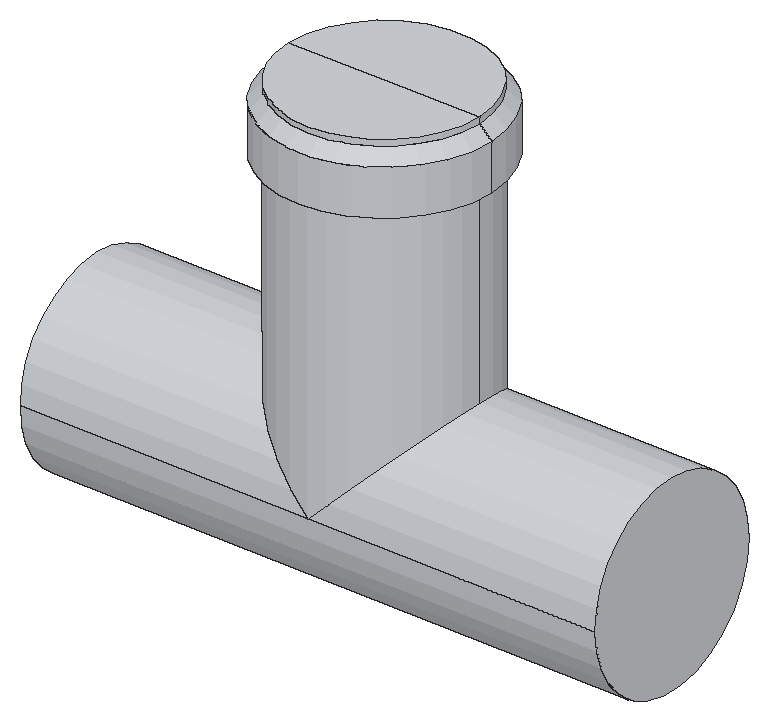
Revit family "HUNTER_Flow-Clik Sensor", category Pipe Fittings, Revit 2017
Family settings
  Round Connector Dimension = Use Diameter
  Part Type = Tee
  OmniClass Number = 23.27.11.15.23
  OmniClass Title = Flow Sensors
  Work Plane-Based = No
  Always vertical = Yes
  Cut with Voids When Loaded = No
  Shared = Yes
Parameters (values of type "FCT-100")
  built-in parameter 1114242 [instance] = (empty or 0)
  URL = "https://www.hunterindustries.com/irrigation-product/sensors/flow-clikr"
  Type Comments = "FLOW-CLIK® - FCT-100 Flow Sensor"
  Suggested Maximum Flow = 64.00 L/min
  Sensor_Length = Pipe_Dia * 3  # 100.2 mm
  Pipe_Dia = Half_Dia * 2  # 33.4 mm
  Pipe OD = 33.4 mm
  Pipe ID = 26.6 mm
  Pipe Connector BSP = 25 mm
  Operating Flow = if(Flow = Suggested Maximum Flow, Suggested Maximum Flow, (if(Flow = Minimum Flow, Minimum Flow, (if(Flow < Minimum Flow, Minimum Flow, (if(Flow > Suggested Maximum Flow, Suggested Maximum Flow, (Suggested Maximum Flow))))))))  # 64.00 L/min
  Model = "FCT-100"
  Minimum Flow = 7.60 L/min
  Manufacturer = "Hunter® Industries"
  Loss Method = K Coefficient
  Length = Pipe_Dia * 1.5  # 50.1 mm
  Keynote = "328423.05"
  Input Voltage = 24 V  # constant formula
  Half_Dia = 16.7 mm
  Flow = 64.00 L/min
  FCT Symbol = FCT-100 : SYMBOL
  Description = "FLOW-CLIK® -1\" (25mm) Schedule 40 Sensor receptacle tee"
  Connector Diameter = 25 mm
  Cap_Dia = Half_Dia + 2 mm  # 18.7 mm
  Assembly Code = "G4030100"
  Adapter for FCT = "BSP 1\" (25mm) adapter"
Types (8, lengths in mm): name | Type Comments | Suggested Maximum Flow | Sensor_Length | Pipe_Dia | Pipe OD | Pipe ID | Pipe Connector BSP | Operating Flow | Model | Minimum Flow | Length | Half_Dia | Flow | FCT Symbol | Description | Connector Diameter | Cap_Dia | Adapter for FCT
  FCT-100 | "FLOW-CLIK® - FCT-100 Flow Sensor" | 64.00 L/min | 100.2 | 33.4 | 33.4 | 26.6 | 25 | 64.00 L/min | "FCT-100" | 7.60 L/min | 50.1 | 16.7 | 64.00 L/min | FCT-100 : SYMBOL | "FLOW-CLIK® -1\" (25mm) Schedule 40 Sensor receptacle tee" | 25 | 18.7 | "BSP 1\" (25mm) adapter"
  FCT-150 | "FLOW-CLIK® - FCT-150 Flow Sensor" | 132.00 L/min | 145.2 | 48.4 | 48.4 | 40.9 | 40 | 132.00 L/min | "FCT-150" | 19.00 L/min | 72.6 | 24.2 | 132.00 L/min | FCT-150 : SYMBOL | "FLOW-CLIK® -1 1/2\" (40mm) Schedule 40 Sensor receptacle tee" | 40 | 26.2 | "BSP 1 1/2\" (40mm) adapter"
  FCT-158 | "FLOW-CLIK® - FCT-158 Flow Sensor" | 132.00 L/min | 145.2 | 48.4 | 48.4 | 38.1 | 40 | 132.00 L/min | "FCT-158" | 19.00 L/min | 72.6 | 24.2 | 132.00 L/min | FCT-158 : SYMBOL | "FLOW-CLIK® -1 1/2\" (40mm) Schedule 80 Sensor receptacle tee" | 40 | 26.2 | "BSP 1 1/2\" (40mm) adapter"
  FCT-200 | "FLOW-CLIK® - FCT-200 Flow Sensor" | 208.00 L/min | 181.2 | 60.4 | 60.3 | 52.5 | 50 | 208.00 L/min | "FCT-200" | 37.80 L/min | 90.6 | 30.2 | 208.00 L/min | FCT-200 : SYMBOL | "FLOW-CLIK® -2\" (50mm) Schedule 40 Sensor receptacle tee" | 50 | 32.2 | "BSP 2\" (50mm) adapter"
  FCT-208 | "FLOW-CLIK® - FCT-208 Flow Sensor" | 208.00 L/min | 181.2 | 60.4 | 60.3 | 49.3 | 50 | 208.00 L/min | "FCT-208" | 37.80 L/min | 90.6 | 30.2 | 208.00 L/min | FCT-208 : SYMBOL | "FLOW-CLIK® -2\" (50mm) Schedule 80 Sensor receptacle tee" | 50 | 32.2 | "BSP 2\" (50mm) adapter"
  FCT-300 | "FLOW-CLIK® - FCT-300 Flow Sensor" | 450.00 L/min | 267 | 89 | 88.9 | 77.9 | 80 | 450.00 L/min | "FCT-300" | 106.00 L/min | 133.5 | 44.5 | 450.00 L/min | FCT-300 : SYMBOL | "FLOW-CLIK® -3\" (80mm) Schedule 40 Sensor receptacle tee" | 80 | 46.5 | "BSP 3\" (80mm) adapter"
  FCT-308 | "FLOW-CLIK® - FCT-308 Flow Sensor" | 450.00 L/min | 267 | 89 | 88.9 | 73.7 | 80 | 450.00 L/min | "FCT-308" | 106.00 L/min | 133.5 | 44.5 | 450.00 L/min | FCT-308 : SYMBOL | "FLOW-CLIK® -3\" (80mm) Schedule 80 Sensor receptacle tee" | 80 | 46.5 | "BSP 3\" (80mm) adapter"
  FCT-400 | "FLOW-CLIK® - FCT-400 Flow Sensor" | 750.00 L/min | 343.2 | 114.4 | 114.3 | 102.3 | 100 | 750.00 L/min | "FCT-400" | 129.00 L/min | 171.6 | 57.2 | 750.00 L/min | FCT-400 : SYMBOL | "FLOW-CLIK® -4\" (100mm) Schedule 40 Sensor receptacle tee" | 100 | 59.2 | "BSP 4\" (100mm) adapter"
Reference planes
  plane 1 "Center (Front/Back)": y = 0
  plane 2: z = 0
  plane 3 "Center (Left/Right)": x = 0
Forms (mm)
  Revolve 1, solid
    sketch origin (0, 0, 0) x (1, 0, 0) y (0, 0, 1)
      loop
        line (0, 0) -> (16.7, 0) -> (16.7, 50.1) -> (18.7, 50.1) -> (18.7, 58.106) -> (16.59, 60.216) -> (16.59, 61.216) -> (0, 61.216) -> (0, 0)
      axis (0, 61.216) -> (0, 0)
    angle from 0 to 360
  Extrusion 2, solid
    sketch origin (0, 0, 0) x (0, 1, 0) y (0, 0, 1)
      loop
        circle (0, 0) r 16.7
    from -50.1 to 50.1
Lines and regions (mm)
  model lines
    curve 1: line (33.29, 20.69, 0) -> (-33.29, 20.69, 0)
    curve 2: line (33.29, -20.69, 0) -> (33.29, 20.69, 0)
    curve 3: line (-33.29, -20.69, 0) -> (33.29, -20.69, 0)
    curve 4: line (-33.29, 20.69, 0) -> (-33.29, -20.69, 0)
    curve 5: line (0, 20.69, 0) -> (0, 34.483, 0)
    curve 6: circle (0, 55.172, 0) r 20.69 normal (0, 0, 1)
    curve 7: line (0, 17.241, 0) -> (0, 0, 0)
    curve 8: line (0, 17.241, 0) -> (0, 0, 0)
    curve 9: line (0, -17.241, 0) -> (0, 0, 0)
    curve 10: line (0, -17.241, 0) -> (0, 0, 0)
    curve 11: line (50.1, 0, 0) -> (-50.1, 0, 0)
Dimensions and locks
  "Half_Dia": Revolve 1 sketch curve to plane 3 "Center (Left/Right)"
  "Cap_Dia": Revolve 1 sketch curve to Revolve 1 sketch curve
  equal spacing: Extrusion 2, plane 3 "Center (Left/Right)", Extrusion 2
  "Length": Revolve 1 sketch curve to level
  "Sensor_Length": Extrusion 2 to Extrusion 2
  "Pipe_Dia": diameter of Extrusion 2 sketch curve
  aligned and locked: level to plane 2
  aligned and locked: Extrusion 2 to curve 11  (x2)
Automatic sketch dimensions
  plane 1 "Center (Front/Back)" to curve 11 = 0 mm
  plane 1 "Center (Front/Back)" to curve 9 = 0 mm
  curve 9 to plane 3 "Center (Left/Right)" = 0 mm
  curve 5 to plane 3 "Center (Left/Right)" = 0 mm
  curve 6 to plane 3 "Center (Left/Right)" = 0 mm
  plane 1 "Center (Front/Back)" to curve 4 = 20.69 mm
  curve 4 to plane 1 "Center (Front/Back)" = 20.69 mm
  curve 5 to curve 6 = 34.483 mm
  curve 11 to curve 1 = 16.81 mm
  curve 1 to curve 11 = 16.81 mm
  plane 1 "Center (Front/Back)" to curve 10 = 17.241 mm
  curve 9 to curve 10 = 0 mm
  curve 8 to curve 5 = 3.448 mm
  curve 7 to curve 8 = 0 mm
  curve 5 to curve 5 = 13.793 mm
  Revolve 1 sketch curve to level = 0 mm
  Revolve 1 sketch curve to plane 3 "Center (Left/Right)" = 0 mm  (x2)
  Revolve 1 sketch curve to Revolve 1 sketch curve = 2.11 mm  (x2)
  Revolve 1 sketch curve to Revolve 1 sketch curve = 8.006 mm
  Revolve 1 sketch curve to Revolve 1 sketch curve = 1 mm
  Revolve 1 sketch curve to Revolve 1 sketch curve = 2.879 mm
  Revolve 1 sketch curve to Revolve 1 sketch curve = 20 mm
  Extrusion 2 sketch curve to level = 0 mm
  Extrusion 2 sketch curve to plane 1 "Center (Front/Back)" = 0 mm
Nested families
  nested 1: "FCT-100" at (0, 0, 0), type <- "FCT Symbol", type "SYMBOL"
Connectors
  piping at (50.1, 0, 0), diameter 25, driven by "Connector Diameter", driven by "Operating Flow"
    settings: on Extrusion 2, index 1, connector inside diameter 609.6 mm, connector length 0 mm, flow factor 0, pipe flow 64.00 L/min, pressure drop 0.0 Pa, fitting loss kfactor 0, connector angle 0.00°, fixture units 0, engagement length 0 mm, angle of deflection 0.00°, flow configuration 0, flow direction 1, fitting loss method 2, system type 29, joint type 0, gender type 0, connector reference index -1, connector utility 0, adjustable connector yes, is connector primary yes, connector description "FCT-In"
  piping at (-50.1, 0, 0), diameter 25, driven by "Connector Diameter", driven by "Operating Flow"
    settings: on Extrusion 2, index 2, connector inside diameter 609.6 mm, connector length 0 mm, flow factor 0, pipe flow 64.00 L/min, pressure drop 0.0 Pa, fitting loss kfactor 0, connector angle 0.00°, fixture units 0, engagement length 0 mm, angle of deflection 0.00°, flow configuration 0, flow direction 2, fitting loss method 2, system type 29, joint type 0, gender type 0, connector reference index -1, connector utility 0, adjustable connector yes, is connector primary no, connector description "FCT- Out"
  electrical at (0, 0, 61.216), driven by "Input Voltage"
    settings: on Revolve 1, index 3, voltage 24 V, apparent load 0 VA, apparent load phase1 0 VA, apparent load phase2 0 VA, apparent load phase3 0 VA, power factor 1, load classification "Other", number of poles 1, system type 30, power factor state 1, is connector primary yes, connector utility no, sub classification motor no, connector description "Flow Control"
Definition of nested family "FCT-100"
  Parameters (values of type "SYMBOL")
    FCT-400 = no
    FCT-308 = no
    FCT-300 = no
    FCT-208 = no
    FCT-200 = no
    FCT-158 = no
    FCT-150 = no
    FCT-100 = yes
  Reference planes
    plane 1 "Center (Front/Back)": y = 0
    plane 2: z = 0
    plane 3 "Center (Left/Right)": x = 0
  Lines and regions (mm)
    detail lines, in view "Ref. Level"
      curve 1: circle (0, 0, 0) r 150 normal (0, 0, 1)
